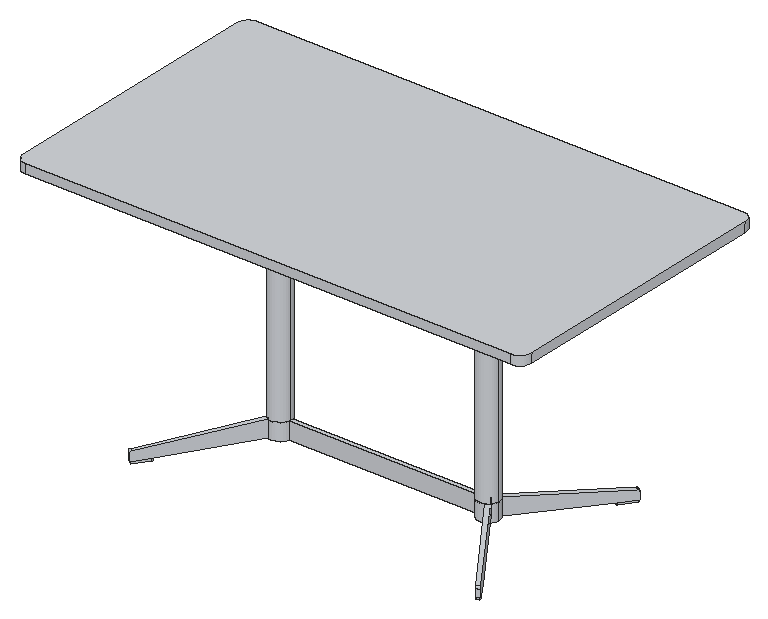
Revit family "Keilhauer_Pact_Table_77434", category Furniture, Revit 2017
Family settings
  OmniClass Number = 23.40.70.14.64.11
  OmniClass Title = Office Furniture
  Work Plane-Based = No
  Always vertical = Yes
  Cut with Voids When Loaded = No
  Shared = No
  Room Calculation Point = No
Parameters (values of type "56 x 32 rectangular")
  Type = 3
  Length = if(Type = 1, 12.000", if(Type = 2, 14.000", 28.000"))  # 28.000"
  Column [instance] = none
  Base 2 = Type = 3  # yes
  Base 1 = not(Type = 3)  # no
  Base [instance] = none
  Glides [instance] = none
  URL = "http://www.keilhauer.com/"
  Product Documentation Link = "http://www.keilhauer.com/"
  Model = "77434"
  Manufacturer = "Keilhauer, Corp."  # constant formula
  Description = "56 x 32 rectangular conference table"
  Copyright © = "© 2021 Keilhauer, Corp."  # constant formula
  Catalog = "Pact"  # constant formula
  Table Top [instance] = none
  Authoring Version = "Autodesk Revit 2015"  # constant formula
  Assembly Code = "E2020200"
Types (3): name | Type | Length | Base 2 | Base 1 | Model | Description
  56 x 32 rectangular | 3 | 28.000" | yes | no | "77434" | "56 x 32 rectangular conference table"
  28 x 32 square | 2 | 14.000" | no | yes | "77433" | "28 x 32 square conference table"
  24 x 32 rectangular | 1 | 12.000" | no | yes | "77432" | "24 x 32 rectangular conference table"
Reference planes (in)
  plane 1 "Center (Front/Back)": y = 0
  plane 2: z = 0
  plane 3 "Center (Left/Right)": x = 0
  plane 4 "Top": z = 28.0201
  plane 5 "Base": z = 0.25
Forms (in)
  Extrusion 1, solid, material <- "Table Top"
    sketch origin (0, 0, 28.0201) x (0, 1, 0) y (-1, 0, 0)
      loop
        arc (16, 26.7) -> (15.61924, 27.61924) -> (14.7, 28) r 1.3
        line (14.7, 28) -> (-14.7, 28)
        arc (-14.7, 28) -> (-15.61924, 27.61924) -> (-16, 26.7) r 1.3
        line (-16, 26.7) -> (-16, -26.7)
        arc (-16, -26.7) -> (-15.61924, -27.61924) -> (-14.7, -28) r 1.3
        line (-14.7, -28) -> (14.7, -28)
        arc (14.7, -28) -> (15.61924, -27.61924) -> (16, -26.7) r 1.3
        line (16, -26.7) -> (16, 26.7)
    from 0 to 1
Lines and regions (in)
  Masking region 1
    outline origin (0, 0, 0) x (1, 0, 0) y (0, 1, 0)
      loop
        line (-28, 14.7) -> (-28, -14.7)
        arc (-28, -14.7) -> (-27.61924, -15.61924) -> (-26.7, -16) r 1.3
        line (-26.7, -16) -> (26.7, -16)
        arc (26.7, -16) -> (27.61924, -15.61924) -> (28, -14.7) r 1.3
        line (28, -14.7) -> (28, 14.7)
        arc (28, 14.7) -> (27.61924, 15.61924) -> (26.7, 16) r 1.3
        line (26.7, 16) -> (-26.7, 16)
        arc (-26.7, 16) -> (-27.61924, 15.61924) -> (-28, 14.7) r 1.3
Dimensions and locks (in)
  locked: Extrusion 1 sketch curve to Extrusion 1 sketch curve at 1.3  (x8)
  equal spacing: Extrusion 1 sketch curve, plane 3 "Center (Left/Right)", Extrusion 1 sketch curve
  "Length": plane 3 "Center (Left/Right)" to Extrusion 1 sketch curve
  aligned and locked: nested 1 to plane 3 "Center (Left/Right)"
  aligned and locked: plane 1 "Center (Front/Back)" to nested 1
  aligned and locked: Extrusion 1 to plane 4 "Top"
  aligned and locked: Masking region 1 sketch curve to Extrusion 1  (x4)
Automatic sketch dimensions
  plane 1 "Center (Front/Back)" to Extrusion 1 sketch curve = 16.000"
  Extrusion 1 sketch curve to plane 1 "Center (Front/Back)" = 14.700"
Nested families (in)
  nested 1: "Furniture_Tag" at (0, 0, 0), type "Center", detail levels fine
    with Offset (LR) 0.000"
  nested 2: "Keilhauer_Pact_Table_Column" at (0, 0, 0), Base <- "Base", Glides <- "Glides", Column <- "Column", Base 2 <- "Base 2", Base 1 <- "Base 1", type "Keilhauer_Pact_Table_Column"
    with Glides none, Column none, Base 2 yes, Base 1 no, Base none
Definition of nested family "Keilhauer_Pact_Table_Column"
  Parameters (values of type "Keilhauer_Pact_Table_Column")
    Base 2 [instance] = yes
    Base 1 [instance] = yes
    Base [instance] = none
    Glides [instance] = none
    URL = "http://www.keilhauer.com/"
    Product Documentation Link = "http://www.keilhauer.com/"
    Model = "Type Catalog"
    Manufacturer = "Keilhauer, Corp."  # constant formula
    Description = "Type Catalog"
    Copyright © = "© 2021 Keilhauer, Corp."  # constant formula
    Catalog = "Pact"  # constant formula
    Column [instance] = none
    Authoring Version = "Autodesk Revit 2015"  # constant formula
    Assembly Code = "E2020200"
  Reference planes (in)
    plane 1 "Center (Front/Back)": y = 0
    plane 2: z = 0
    plane 3 "Center (Left/Right)": x = 0
  Forms (in)
    Extrusion 1, solid, material <- "Column", visible <- "Base 1"
      sketch origin (0, 0, 28.0201) x (0, 1, 0) y (-1, 0, 0)
        loop
          line (6, 6) -> (-6, 6) -> (-6, -6) -> (6, -6) -> (6, 6)
      from 0 to -0.25
    Extrusion 2, solid, material <- "Column", visible <- "Base 1"
      sketch origin (0, 0, 28.0201) x (0, 1, 0) y (-1, 0, 0)
        loop
          circle (0, 0) r 1.18422
      from 0 to -25.5
    Extrusion 3, solid, material <- "Base", visible <- "Base 1"
      sketch origin (0, 0, 0) x (-0.707107, 0.707107, 0) y (0, 0, 1)
        loop
          line (1.23723, 0.6451) -> (11.44223, 0.25) -> (13.54223, 0.25) -> (13.54223, 1.06168)
          arc (13.54223, 1.06168) -> (13.49073, 1.19566) -> (13.36274, 1.26063) r 0.2
          line (13.36274, 1.26063) -> (1.14189, 2.5201) -> (-1.14189, 2.5201) -> (-13.36274, 1.26063)
          arc (-13.36274, 1.26063) -> (-13.49073, 1.19566) -> (-13.54223, 1.06168) r 0.2
          line (-13.54223, 1.06168) -> (-13.54223, 0.25) -> (-11.44223, 0.25) -> (-1.23723, 0.6451) -> (1.23723, 0.6451)
      from -0.25 to 0.25
    Extrusion 4, solid, material <- "Base", visible <- "Base 1"
      sketch origin (0, 0, 0) x (0.707107, 0.707107, 0) y (0, 0, -1)
        loop
          line (1.23723, -0.6451) -> (-1.23723, -0.6451) -> (-11.44223, -0.25) -> (-13.54223, -0.25) -> (-13.54223, -1.06168)
          arc (-13.54223, -1.06168) -> (-13.49073, -1.19566) -> (-13.36274, -1.26063) r 0.2
          line (-13.36274, -1.26063) -> (-1.14189, -2.5201) -> (1.14189, -2.5201) -> (13.36274, -1.26063)
          arc (13.36274, -1.26063) -> (13.49073, -1.19566) -> (13.54223, -1.06168) r 0.2
          line (13.54223, -1.06168) -> (13.54223, -0.25) -> (11.44223, -0.25) -> (1.23723, -0.6451)
      from -0.25 to 0.25
    Extrusion 5, solid, material <- "Glides", visible <- "Base 1"
      sketch origin (0, 0, 0) x (1, 0, 0) y (0, 1, 0)
        loop
          arc (-9.35496, 9.62151) -> (-9.39747, 9.63936) -> (-9.44009, 9.62179) r 0.06
          line (-9.44009, 9.62179) -> (-9.62179, 9.44009)
          arc (-9.62179, 9.44009) -> (-9.63936, 9.39747) -> (-9.62151, 9.35496) r 0.06
          line (-9.62151, 9.35496) -> (-8.29952, 8.02203)
          arc (-8.29952, 8.02203) -> (-8.25715, 8.00428) -> (-8.21463, 8.02167) r 0.06004
          line (-8.21463, 8.02167) -> (-8.03387, 8.20087)
          arc (-8.03387, 8.20087) -> (-8.01688, 8.24167) -> (-8.0336, 8.2826) r 0.05798
          line (-8.0336, 8.2826) -> (-9.35496, 9.62151)
        loop
          line (9.35496, 9.62151) -> (8.0336, 8.2826)
          arc (8.0336, 8.2826) -> (8.01688, 8.24167) -> (8.03387, 8.20087) r 0.05798
          line (8.03387, 8.20087) -> (8.21463, 8.02167)
          arc (8.21463, 8.02167) -> (8.25715, 8.00428) -> (8.29952, 8.02203) r 0.06004
          line (8.29952, 8.02203) -> (9.62151, 9.35496)
          arc (9.62151, 9.35496) -> (9.63936, 9.39747) -> (9.62179, 9.44009) r 0.06
          line (9.62179, 9.44009) -> (9.44009, 9.62179)
          arc (9.44009, 9.62179) -> (9.39747, 9.63936) -> (9.35496, 9.62151) r 0.06
        loop
          line (-9.35496, -9.62151) -> (-8.0336, -8.2826)
          arc (-8.0336, -8.2826) -> (-8.01688, -8.24167) -> (-8.03387, -8.20087) r 0.05798
          line (-8.03387, -8.20087) -> (-8.21463, -8.02167)
          arc (-8.21463, -8.02167) -> (-8.25715, -8.00428) -> (-8.29952, -8.02203) r 0.06004
          line (-8.29952, -8.02203) -> (-9.62151, -9.35496)
          arc (-9.62151, -9.35496) -> (-9.63936, -9.39747) -> (-9.62179, -9.44009) r 0.06
          line (-9.62179, -9.44009) -> (-9.44009, -9.62179)
          arc (-9.44009, -9.62179) -> (-9.39747, -9.63936) -> (-9.35496, -9.62151) r 0.06
        loop
          arc (9.35496, -9.62151) -> (9.39747, -9.63936) -> (9.44009, -9.62179) r 0.06
          line (9.44009, -9.62179) -> (9.62179, -9.44009)
          arc (9.62179, -9.44009) -> (9.63936, -9.39747) -> (9.62151, -9.35496) r 0.06
          line (9.62151, -9.35496) -> (8.29952, -8.02203)
          arc (8.29952, -8.02203) -> (8.25715, -8.00428) -> (8.21463, -8.02167) r 0.06004
          line (8.21463, -8.02167) -> (8.03387, -8.20087)
          arc (8.03387, -8.20087) -> (8.01688, -8.24167) -> (8.0336, -8.2826) r 0.05798
          line (8.0336, -8.2826) -> (9.35496, -9.62151)
      from 0 to 0.25
    Extrusion 6, solid, material <- "Base", visible <- "Base 1"
      sketch origin (0, 0, 2.5201) x (0, 1, 0) y (-1, 0, 0)
        loop
          circle (0, 0) r 1.18863
      from 0 to -1.875
    Extrusion 7, solid, material <- "Base", visible <- "Base 2"
      sketch origin (11.463, 0, 0) x (0.573576, 0.819152, 0) y (0, 0, -1)
        loop
          line (1.23723, -0.6451) -> (0, -0.6451) -> (0, -2.5201) -> (1.14189, -2.5201) -> (13.36274, -1.26063)
          arc (13.36274, -1.26063) -> (13.49073, -1.19566) -> (13.54223, -1.06168) r 0.2
          line (13.54223, -1.06168) -> (13.54223, -0.25) -> (11.44223, -0.25) -> (1.23723, -0.6451)
      from -0.25 to 0.25
    Extrusion 8, solid, material <- "Glides", visible <- "Base 2"
      sketch origin (11.463, 0, 0) x (0.984808, 0.173648, 0) y (-0.173648, 0.984808, 0)
        loop
          line (9.35496, 9.62151) -> (8.0336, 8.2826)
          arc (8.0336, 8.2826) -> (8.01688, 8.24167) -> (8.03387, 8.20087) r 0.05798
          line (8.03387, 8.20087) -> (8.21463, 8.02167)
          arc (8.21463, 8.02167) -> (8.25715, 8.00428) -> (8.29952, 8.02203) r 0.06004
          line (8.29952, 8.02203) -> (9.62151, 9.35496)
          arc (9.62151, 9.35496) -> (9.63936, 9.39747) -> (9.62179, 9.44009) r 0.06
          line (9.62179, 9.44009) -> (9.44009, 9.62179)
          arc (9.44009, 9.62179) -> (9.39747, 9.63936) -> (9.35496, 9.62151) r 0.06
        loop
          arc (5.50004, -12.24084) -> (5.53388, -12.27216) -> (5.57994, -12.27022) r 0.06
          line (5.57994, -12.27022) -> (5.81282, -12.16163)
          arc (5.81282, -12.16163) -> (5.84391, -12.12759) -> (5.84167, -12.08154) r 0.06
          line (5.84167, -12.08154) -> (5.0553, -10.37685)
          arc (5.0553, -10.37685) -> (5.02156, -10.34567) -> (4.97565, -10.34748) r 0.06004
          line (4.97565, -10.34748) -> (4.7445, -10.45404)
          arc (4.7445, -10.45404) -> (4.71459, -10.48658) -> (4.7163, -10.53075) r 0.05798
          line (4.7163, -10.53075) -> (5.50004, -12.24084)
      from 0 to 0.25
    Extrusion 9, solid, material <- "Base", visible <- "Base 2"
      sketch origin (11.463, 0, 0) x (0.573576, -0.819152, 0) y (0, 0, 1)
        loop
          line (1.23723, 0.6451) -> (11.44223, 0.25) -> (13.54223, 0.25) -> (13.54223, 1.06168)
          arc (13.54223, 1.06168) -> (13.49073, 1.19566) -> (13.36274, 1.26063) r 0.2
          line (13.36274, 1.26063) -> (1.14189, 2.5201) -> (0, 2.5201) -> (0, 0.6451) -> (1.23723, 0.6451)
      from -0.25 to 0.25
    Extrusion 10, solid, material <- "Base", visible <- "Base 2"
      sketch origin (11.463, 0, 2.5201) x (0, 1, 0) y (-1, 0, 0)
        loop
          circle (0, 0) r 1.18863
      from 0 to -1.875
    Extrusion 11, solid, material <- "Column", visible <- "Base 2"
      sketch origin (11.463, 0, 28.0201) x (0, 1, 0) y (-1, 0, 0)
        loop
          line (6, 6) -> (-6, 6) -> (-6, -6) -> (6, -6) -> (6, 6)
      from 0 to -0.25
    Extrusion 12, solid, material <- "Column", visible <- "Base 2"
      sketch origin (11.463, 0, 28.0201) x (0, 1, 0) y (-1, 0, 0)
        loop
          circle (0, 0) r 1.18422
      from 0 to -25.5
    Extrusion 13, solid, material <- "Base", visible <- "Base 2"
      sketch origin (-11.463, 0, 0) x (-0.573576, 0.819152, 0) y (0, 0, 1)
        loop
          line (1.23723, 0.6451) -> (11.44223, 0.25) -> (13.54223, 0.25) -> (13.54223, 1.06168)
          arc (13.54223, 1.06168) -> (13.49073, 1.19566) -> (13.36274, 1.26063) r 0.2
          line (13.36274, 1.26063) -> (1.14189, 2.5201) -> (0, 2.5201) -> (0, 0.6451) -> (1.23723, 0.6451)
      from -0.25 to 0.25
    Extrusion 14, solid, material <- "Glides", visible <- "Base 2"
      sketch origin (-11.463, 0, 0) x (-0.984808, 0.173648, 0) y (-0.173648, -0.984808, 0)
        loop
          arc (9.35496, -9.62151) -> (9.39747, -9.63936) -> (9.44009, -9.62179) r 0.06
          line (9.44009, -9.62179) -> (9.62179, -9.44009)
          arc (9.62179, -9.44009) -> (9.63936, -9.39747) -> (9.62151, -9.35496) r 0.06
          line (9.62151, -9.35496) -> (8.29952, -8.02203)
          arc (8.29952, -8.02203) -> (8.25715, -8.00428) -> (8.21463, -8.02167) r 0.06004
          line (8.21463, -8.02167) -> (8.03387, -8.20087)
          arc (8.03387, -8.20087) -> (8.01688, -8.24167) -> (8.0336, -8.2826) r 0.05798
          line (8.0336, -8.2826) -> (9.35496, -9.62151)
        loop
          line (5.50004, 12.24084) -> (4.7163, 10.53075)
          arc (4.7163, 10.53075) -> (4.71459, 10.48658) -> (4.7445, 10.45404) r 0.05798
          line (4.7445, 10.45404) -> (4.97565, 10.34748)
          arc (4.97565, 10.34748) -> (5.02156, 10.34567) -> (5.0553, 10.37685) r 0.06004
          line (5.0553, 10.37685) -> (5.84167, 12.08154)
          arc (5.84167, 12.08154) -> (5.84391, 12.12759) -> (5.81282, 12.16163) r 0.06
          line (5.81282, 12.16163) -> (5.57994, 12.27022)
          arc (5.57994, 12.27022) -> (5.53388, 12.27216) -> (5.50004, 12.24084) r 0.06
      from 0 to 0.25
    Extrusion 15, solid, material <- "Base", visible <- "Base 2"
      sketch origin (-11.463, 0, 0) x (-0.573576, -0.819152, 0) y (0, 0, -1)
        loop
          line (1.23723, -0.6451) -> (0, -0.6451) -> (0, -2.5201) -> (1.14189, -2.5201) -> (13.36274, -1.26063)
          arc (13.36274, -1.26063) -> (13.49073, -1.19566) -> (13.54223, -1.06168) r 0.2
          line (13.54223, -1.06168) -> (13.54223, -0.25) -> (11.44223, -0.25) -> (1.23723, -0.6451)
      from -0.25 to 0.25
    Extrusion 16, solid, material <- "Base", visible <- "Base 2"
      sketch origin (-11.463, 0, 2.5201) x (0, 1, 0) y (-1, 0, 0)
        loop
          circle (0, 0) r 1.18863
      from 0 to -1.875
    Extrusion 17, solid, material <- "Column", visible <- "Base 2"
      sketch origin (-11.463, 0, 28.0201) x (0, 1, 0) y (-1, 0, 0)
        loop
          line (6, -6) -> (6, 6) -> (-6, 6) -> (-6, -6) -> (6, -6)
      from 0 to -0.25
    Extrusion 18, solid, material <- "Column", visible <- "Base 2"
      sketch origin (-11.463, 0, 28.0201) x (0, 1, 0) y (-1, 0, 0)
        loop
          circle (0, 0) r 1.18422
      from 0 to -25.5
    Extrusion 19, solid, material <- "Base", visible <- "Base 2"
      sketch origin (0, 0, 0) x (0, -1, 0) y (0, 0, 1)
        loop
          line (-0.25, 2.5201) -> (-0.25, 0.6451) -> (0.25, 0.6451) -> (0.25, 2.5201) -> (-0.25, 2.5201)
      from -11.463 to 11.463
  Cuts and joins
    joined: Extrusion 3, Extrusion 4
    joined: Extrusion 7, Extrusion 9
    joined: Extrusion 11, Extrusion 12
    joined: Extrusion 1, Extrusion 2
    joined: Extrusion 10, Extrusion 16, Extrusion 19
    joined: Extrusion 17, Extrusion 18
  Dimensions and locks (in)
    aligned and locked: level to Extrusion 5
Definition of nested family "Furniture_Tag"
  Parameters
    P_Width = 0.000"
    Text_Width = "Empty"
    Text_Height = "Empty"
    Text_Diameter = "Empty"
    Text_Depth = "Empty"
    Offset (LR) [instance] = 0.000"
    Model Name = "Type Catalog"
    P_Height = 0.000"
    Distance of Center (not Change) = 0.000"
    P_Diameter = 0.000"
    P_Depth = 0.000"
  Reference planes (in)
    plane 1: y = 0
    plane 2: x = 0
  Lines and regions (in)
    reference lines
      curve 1: line (-0.44359, 0, 0) -> (0.41085, 0, 0)
      curve 3: line (0, 0.32564, 0) -> (0, -0.40221, 0)
    reference lines, not visible
      curve 2: line (-0.44359, 0.09843, 0) -> (0.41085, 0.09843, 0)
      curve 4: line (0, 0.42407, 0) -> (0, -0.30379, 0)
  Text (in)
    label "Empty" at (0.00197, -0.0079, 0), shows "Model Name"
    label "Empty" at (0.00197, 0.09052, 0), shows "Model Name", not visible
  Dimensions and locks (in)
    "Distance of Center (not Change)": plane 1 to curve 1
    "Offset (LR)": curve 3 to plane 2
  Automatic sketch dimensions
    curve 1 to curve 3 = 0.44359"
    curve 3 to curve 1 = 0.41085"
    curve 3 to curve 1 = 0.40221"
    curve 1 to curve 3 = 0.32564"
    curve 2 to curve 4 = 0.44359"
    curve 4 to curve 2 = 0.41085"
    curve 4 to curve 2 = 0.40221"
    curve 2 to curve 4 = 0.32564"
